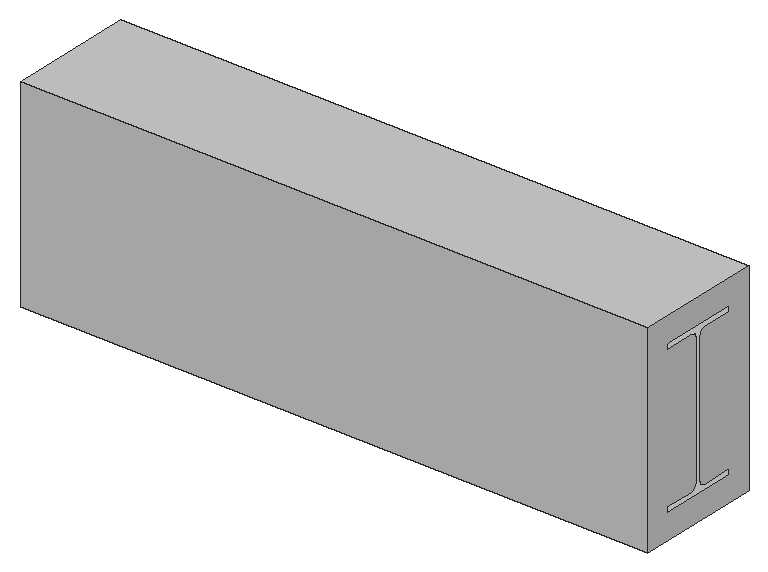
Revit family
Parameters (values of type "SRC300x150x6.5")
  hc [instance] = 400 mm
  bc [instance] = 250 mm
  시작 확장 계산 [instance] = 3012.5 mm + 시작 확장  # 3012.5 mm
  시작 확장 [instance] = 0 mm
  끝 확장 계산 [instance] = 3012.5 mm + 끝 확장  # 3012.5 mm
  끝 확장 [instance] = 0 mm
  콘크리트 보 재료 [instance] = 콘크리트 - 현장타설 콘크리트
  보 재료 [instance] = 금속 - 스틸 - 345 MPa
  Assembly Code = ""
  A = 0.005 m²
  Length [instance] = 1500 mm
  W = 0.3599
  bf = 150 mm
  d = 300 mm
  k = 22 mm
  kr = k - tf  # 13 mm
  tf = 9 mm
  tw = 6.5 mm
Reference planes
  plane 1 "중심(앞/뒤)": y = 0
  plane 2: z = 0
  plane 3 "중심(왼쪽/오른쪽)": x = 4.61
  plane 4 "왼쪽 부재": x = -604.99
  plane 5 "오른쪽 부재": x = 614.21
  plane 6: y = 75
  plane 7: y = -75
  plane 8 "상단": z = 150
  plane 9: z = -150
  plane 10 "왼쪽": x = -757.39
  plane 11 "오른쪽": x = 742.61
  plane 12: x = -617.49
  plane 13: x = 626.71
  plane 14: x = 2395.01
  plane 15: x = -2385.79
Forms (mm)
  Sweep 1, solid, material "금속 - 스틸 - 345 MPa" <- "보 재료", detail levels medium
    path origin (0, 0, 0) x (1, 0, 0) y (0, 1, 0)
      loop
        line (626.71, 0) -> (-617.49, 0)
    profile "M_W-와이드 플랜지-프로파일-중간 : M_W-와이드 플랜지-프로파일-중간" origin (4.61, 0, 0) x (0, -1, 0) y (0, 0, 1)
      loop
        line (-75, -150) -> (75, -150) -> (75, -141) -> (3.25, -141) -> (3.25, 141) -> (75, 141) -> (75, 150) -> (-75, 150) -> (-75, 141) -> (-3.25, 141) -> (-3.25, -141) -> (-75, -141) -> (-75, -150)
  Sweep 2, solid, material "금속 - 스틸 - 345 MPa" <- "보 재료", detail levels fine
    path origin (0, 0, 0) x (1, 0, 0) y (0, 1, 0)
      loop
        line (626.71, 0) -> (-617.49, 0)
    profile "M_W-와이드 플랜지-프로파일-섬세 : M_W-와이드 플랜지-프로파일-섬세" origin (4.61, 0, 0) x (0, -1, 0) y (0, 0, 1)
      loop
        line (-75, -150) -> (75, -150) -> (75, -141) -> (16.25, -141)
        arc (16.25, -141) -> (7.058, -137.192) -> (3.25, -128) r 13
        line (3.25, -128) -> (3.25, 128)
        arc (3.25, 128) -> (7.058, 137.192) -> (16.25, 141) r 13
        line (16.25, 141) -> (75, 141) -> (75, 150) -> (-75, 150) -> (-75, 141) -> (-16.25, 141)
        arc (-16.25, 141) -> (-7.058, 137.192) -> (-3.25, 128) r 13
        line (-3.25, 128) -> (-3.25, -128)
        arc (-3.25, -128) -> (-7.058, -137.192) -> (-16.25, -141) r 13
        line (-16.25, -141) -> (-75, -141) -> (-75, -150)
  Sweep 3, solid, material "콘크리트 - 현장타설 콘크리트" <- "콘크리트 보 재료", detail levels medium+fine
    path origin (0, 0, 0) x (1, 0, 0) y (0, 1, 0)
      loop
        line (626.71, 0) -> (-617.49, 0)
    profile "M_직사각형 보-프로파일 : M_직사각형 보-프로파일" origin (4.61, 0, 0) x (0, -1, 0) y (0, 0, 1)
      loop
        line (-125, -200) -> (125, -200) -> (125, 200) -> (-125, 200) -> (-125, -200)
Lines and regions (mm)
  symbolic lines, style "숨겨진 면", detail levels medium+fine
    curve 1: line (626.71, -3.25, 0) -> (-617.49, -3.25, 0)
    curve 2: line (626.71, 3.25, 0) -> (-617.49, 3.25, 0)
  symbolic lines, style "기호 부착", detail levels coarse
    curve 3: line (4.61, 75, 150) -> (4.61, -75, 150)
    curve 4: line (4.61, -75, -150) -> (4.61, 75, -150)
    curve 5: line (4.61, 0, 150) -> (4.61, 0, -150)
    curve 6: line (4.61, 125, 200) -> (4.61, -125, 200)
    curve 7: line (4.61, -125, 200) -> (4.61, -125, -200)
    curve 8: line (4.61, 125, 200) -> (4.61, 125, -200)
    curve 9: line (4.61, -125, -200) -> (4.61, 125, -200)
Dimensions and locks
  "bf": plane 6 to plane 7
  "d": plane 9 to plane 8 "상단"
  equal spacing: plane 9, plane 2, plane 8 "상단"
  equal spacing: plane 6, plane 1 "중심(앞/뒤)", plane 7
  "Length": plane 10 "왼쪽" to plane 11 "오른쪽"
  "tw": curve 2 to curve 1
  equal spacing: curve 2, plane 1 "중심(앞/뒤)", curve 1
  locked: plane 4 "왼쪽 부재" to plane 14 at 3000
  locked: plane 15 to plane 5 "오른쪽 부재" at 3000
  "끝 확장 계산": plane 15 to plane 13
  "시작 확장 계산": plane 12 to plane 14
  aligned and locked: Sweep 1 sketch curve to plane 1 "중심(앞/뒤)"
  aligned and locked: Sweep 2 sketch curve to plane 1 "중심(앞/뒤)"
  aligned and locked: Sweep 2 to curve 3  (x2)
  aligned and locked: Sweep 2 to curve 4  (x2)
  aligned and locked: curve 3 to Sweep 2
  aligned and locked: curve 4 to Sweep 2
  aligned and locked: plane 12 to Sweep 2 sketch curve
  aligned and locked: plane 13 to Sweep 2 sketch curve
  aligned and locked: plane 12 to Sweep 1 sketch curve
  aligned and locked: plane 13 to Sweep 1 sketch curve
  aligned and locked: plane 12 to curve 2
  aligned and locked: plane 12 to curve 1
  aligned and locked: plane 13 to curve 2
  aligned and locked: plane 13 to curve 1
  aligned and locked: plane 12 to Sweep 3 sketch curve
  aligned and locked: plane 13 to Sweep 3 sketch curve
  aligned and locked: Sweep 3 sketch curve to plane 1 "중심(앞/뒤)"
  aligned and locked: Sweep 3 to curve 6
  aligned and locked: Sweep 3 to curve 8
  aligned and locked: curve 9 to Sweep 3
  aligned and locked: curve 7 to Sweep 3
Automatic sketch dimensions
  curve 5 to plane 1 "중심(앞/뒤)" = 0 mm
